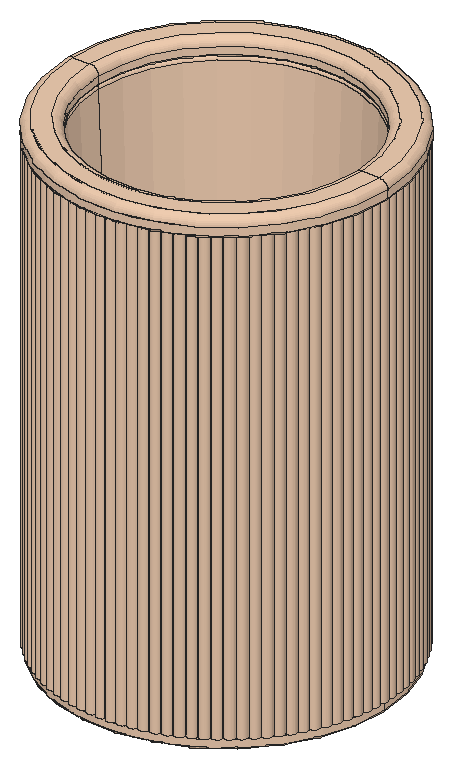
Revit family "DBLTD_TheSenatorGroup_OffcStrg_Furrow_US", category Furniture, Revit 2019
Family settings
  Work Plane-Based = No
  Always vertical = Yes
  Cut with Voids When Loaded = No
  Shared = Yes
  Room Calculation Point = No
Parameters (values of type "Circular Timber Planter")
  WarrantyStartDate [instance] = "1900-12-31T23:59:59"
  WarrantyGuarantorParts = "n/a"
  WarrantyGuarantorLabor = "n/a"
  WarrantyDurationUnit = "Years"
  WarrantyDurationParts = "n/a"
  WarrantyDurationLabor = "n/a"
  WarrantyDescription = "Allermuir will repair, or replace (at Allermuir’s sole discretion) with comparable free of charge materials/ components, any product/ component which fails under normal use in a single shift environment, as a result of a defect in the materials and/or workmanship. Exceptions - Non-standard product - 2 years Screen-mounted Accessories/ Dry-wipe Boards - 2 years Electrical and/or electronic componentry - 2 years. Exclusions - Allermuir does not warrant: Failure due to normal “Wear and Tear”. Natural variations in appearance of wood - its grain, figure and colour. Changes in surface appearance resulting from exposure to light, and the natural ageing process of wood. Changes in surface appearance resulting from the misuse of cleaning materials and methods/ damage form sharp objects/ imprinting from writing implements. Natural variations in Leather - its marks, scars and wrinkles. Product stored/ exposed to extreme operational conditions. Consumable components such as Fuses/ Lights/ lamps/ transformers/etc. Other Manufacturer’s product supplied by Allermuir (their own warranty shall apply where possible). Non-standard fabrics/ finishes or veneers used. Allermuir only checks the manufacturing quality of Customer’s Own Material (COM) and provides no warrant"
  Version = "2"  # constant formula
  Uniclass2015Version = "Products v1.9"
  Uniclass2015Title = "Office storage units"
  Uniclass2015Code = "Pr_40_30_78_57"
  URL = "https://www.thesenatorgroup.com/"
  Type Comments = ModelNumber  # "FW40RDT"
  TagNumber [instance] = "n/a"
  SustainabilityPerformance = "n/a"  # constant formula
  Style = "n/a"
  Size = "L 15.75\" x  W 15.75\" x  H 23.5\""
  Shape = "Rectangular"
  SerialNumber [instance] = "n/a"
  Revision = "n/a"
  ReplacementCost = "n/a"
  ProductInformation = "https://www.thesenatorgroup.com/"
  PlanterType = DBLTD_TheSenatorGroup_OffcStrg_Furrow_WoodRound : DBLTD_TheSenatorGroup_OffcStrg_Furrow_WoodRound
  OuterMaterial = TheSenatorGroup_Metal_White
  OmniClassTitle = "Storage"
  OmniClassCode = "22-12 51 19"
  NominalWidth = NominalLength  # 400 mm
  NominalLength = 400 mm
  NominalHeight = 600 mm
  NominalDepth = 400 mm  # constant formula
  Name = "OfficeStorage_Furrow_TheSenatorGroup"
  NBSReference = "45-35-80/360"
  NBSDescription = "Office storage"
  NBSCertification = ""
  ModelReference = "Circular Timber Planter"
  ModelNumber = "FW40RDT"
  Model = ModelNumber  # "FW40RDT"
  Material = "Oak, Steel, HIPS liner"
  ManufacturerURL = "https://www.thesenatorgroup.com/"
  ManufacturerName = "The Senator Group"
  Manufacturer = "The Senator Group"
  MainColor = "n/a"
  Keynote = "Pr_40_30_78_57"
  InstallationDate [instance] = "1900-12-31T23:59:59"
  IfcExportType = "STORAGE"  # constant formula
  IfcExportAs = "IfcFurnitureType"  # constant formula
  Grade = "n/a"
  FrameMaterial [instance] = TheSenatorGroup_Wood_Oak
  Finish = "Available in Oak, Black Steel, White Steel"
  Features = "Furow makes adding plants to workplace and\r\nhospitality interiors easy"
  ExpectedLife = "n/a"
  DurationUnit = "year"
  Description = ModelNumber  # "FW40RDT"
  Cost = 0
  Constituents = ""
  Color = "Defined by Finish Specifed"
  CodePerformance = "n/a"
  Category = "Pr_40_30_78_57:Office storage units"
  BarCode [instance] = "n/a"
  BIMObjectName = "TheSenatorGroup_OfficeStorage_Furrow"
  Author = "Diane Butterworth Ltd"  # constant formula
  AssetType = "Movable"
  AssetIdentifier [instance] = "n/a"
  AccessibilityPerformance = "n/a"
Types (5, lengths in mm): name | Type Comments | Size | PlanterType | NominalWidth | NominalLength | NominalHeight | ModelReference | ModelNumber | Model | Description
  (no name) | "FW40RDT" | "L 15.75\" x  W 15.75\" x  H 23.5\"" | DBLTD_TheSenatorGroup_OffcStrg_Furrow_WoodRound : DBLTD_TheSenatorGroup_OffcStrg_Furrow_WoodRound | 400 | 400 | 600 | "Circular Timber Planter" | "FW40RDT" | "FW40RDT" | "FW40RDT"
  Circular Steel Planter | "FW40RDS" | "L 15.75\" x  W 15.75\" x  H 23.5\"" | DBLTD_TheSenatorGroup_OffcStrg_Furrow_SteelRound : DBLTD_TheSenatorGroup_OffcStrg_Furrow_SteelRound | 400 | 400 | 600 | "Circular Steel Planter" | "FW40RDS" | "FW40RDS" | "FW40RDS"
  Rectangular Steel Planter | "FW4014S" | "L 15.75\" x  W 55\" x  H 37.5\"" | DBLTD_TheSenatorGroup_OffcStrg_Furrow_SteelLong : DBLTD_TheSenatorGroup_OffcStrg_Furrow_SteelLong | 1400 | 1400 | 950 | "Rectangular Steel Planter" | "FW4014S" | "FW4014S" | "FW4014S"
  Circular Timber Planter | "FW40RDT" | "L 15.75\" x  W 15.75\" x  H 23.5\"" | DBLTD_TheSenatorGroup_OffcStrg_Furrow_WoodRound : DBLTD_TheSenatorGroup_OffcStrg_Furrow_WoodRound | 400 | 400 | 600 | "Circular Timber Planter" | "FW40RDT" | "FW40RDT" | "FW40RDT"
  Rectangular Timber Planter | "FW4014T" | "L 15.75\" x  W 55\" x  H 37.5\"" | DBLTD_TheSenatorGroup_OffcStrg_Furrow_WoodLong : DBLTD_TheSenatorGroup_OffcStrg_Furrow_WoodLong | 1400 | 1400 | 950 | "Rectangular Timber Planter" | "FW4014T" | "FW4014T" | "FW4014T"
Reference planes
  plane 1 "Back": y = 0
  plane 2: z = 0
  plane 3 "Center (Left/Right)": x = 0
  plane 4 "Front": y = -400
  plane 5 "Left": x = -200
  plane 6 "Right": x = 200
  plane 7 "Top": z = 600
  plane 8: y = -200
Dimensions and locks
  "NominalDepth": plane 4 "Front" to plane 1 "Back"
  equal spacing: plane 5 "Left", plane 3 "Center (Left/Right)", plane 6 "Right"
  "NominalLength": plane 5 "Left" to plane 6 "Right"
  "NominalHeight": plane 7 "Top" to level
  equal spacing: plane 4 "Front", plane 8, plane 1 "Back"
  aligned and locked: level to plane 2
  aligned and locked: nested 1 to plane 8
  aligned and locked: plane 3 "Center (Left/Right)" to nested 1
Nested families
  nested 1: "DBLTD_TheSenatorGroup_OffcStrg_Furrow_WoodRound" at (0, -200, 0), type <- "PlanterType", CoverStripMaterial <- "FrameMaterial", OuterMaterial <- "OuterMaterial", type "DBLTD_TheSenatorGroup_OffcStrg_Furrow_WoodRound"
    with OuterMaterial TheSenatorGroup_Metal_White, CoverStripMaterial TheSenatorGroup_Wood_Oak
Definition of nested family "DBLTD_TheSenatorGroup_OffcStrg_Furrow_WoodRound"
  Parameters (values of type "DBLTD_TheSenatorGroup_OffcStrg_Furrow_WoodRound")
    OuterMaterial [instance] = none
    CoverStripMaterial [instance] = none
  Reference planes
    plane 1 "Center (Front/Back)": y = 0
    plane 2: z = 0
    plane 3 "Center (Left/Right)": x = 0
  Forms (mm)
    Revolve 1, solid, material <- "CoverStripMaterial"
      sketch origin (0, 0, 0) x (1, 0, 0) y (0, 0, 1)
        loop
          line (-150.381, 343.104) -> (-159.543, 574.272)
          arc (-159.543, 574.272) -> (-161.325, 578.089) -> (-165.298, 579.491) r 5.444
          line (-165.298, 579.491) -> (-160.543, 579.491)
          arc (-160.543, 579.491) -> (-159.836, 579.784) -> (-159.543, 580.491) r 1
          line (-159.543, 580.491) -> (-159.543, 589.5)
          arc (-159.543, 589.5) -> (-162.472, 596.571) -> (-169.543, 599.5) r 10
          line (-169.543, 599.5) -> (-190.99, 599.5)
          arc (-190.99, 599.5) -> (-198.061, 596.571) -> (-200.99, 589.5) r 10
          line (-200.99, 589.5) -> (-200.99, 579.624)
          arc (-200.99, 579.624) -> (-200.661, 578.829) -> (-199.866, 578.5) r 1.124
          line (-199.866, 578.5) -> (-174.532, 578.5) -> (-174.532, 17.5) -> (-195.982, 17.5)
          arc (-195.982, 17.5) -> (-196.702, 17.202) -> (-197, 16.482) r 1.018
          line (-197, 16.482) -> (-197, 6.5)
          arc (-197, 6.5) -> (-196.707, 5.793) -> (-196, 5.5) r 1
          line (-196, 5.5) -> (0, 5.5) -> (0, 333.5) -> (-140.389, 333.5)
          arc (-140.389, 333.5) -> (-147.318, 336.29) -> (-150.381, 343.104) r 10
        axis (0, 599.5) -> (0, 5.5)
      angle from 0 to 360
    Extrusion 2, solid
      sketch origin (0, 0, 0) x (1, 0, 0) y (0, 1, 0)
        loop
          circle (-115.208, 115.249) r 9.99
        loop
          circle (115.208, 115.249) r 9.99
        loop
          circle (-115.208, -115.249) r 9.99
        loop
          circle (115.208, -115.249) r 9.99
      from 0 to 5.576
    Extrusion 3, solid, material <- "CoverStripMaterial"
      sketch origin (0, 0, 0) x (1, 0, 0) y (0, 1, 0)
        loop
          line (-6, 195.05) -> (6, 195.05) -> (6, 196.05)
          arc (6, 196.05) -> (0, 200.229) -> (-6, 196.05) r 6.397
          line (-6, 196.05) -> (-6, 195.05)
      from 17.5 to 578.5
    Extrusion 4, solid, material <- "CoverStripMaterial"
      sketch origin (0, 0, 0) x (0.998027, -0.062791, 0) y (0.062791, 0.998027, 0)
        loop
          line (-6, 195.05) -> (6, 195.05) -> (6, 196.05)
          arc (6, 196.05) -> (0, 200.229) -> (-6, 196.05) r 6.397
          line (-6, 196.05) -> (-6, 195.05)
      from 17.5 to 578.5
    Extrusion 5, solid, material <- "CoverStripMaterial"
      sketch origin (0, 0, 0) x (0.992115, -0.125333, 0) y (0.125333, 0.992115, 0)
        loop
          line (-6, 195.05) -> (6, 195.05) -> (6, 196.05)
          arc (6, 196.05) -> (0, 200.229) -> (-6, 196.05) r 6.397
          line (-6, 196.05) -> (-6, 195.05)
      from 17.5 to 578.5
    Extrusion 6, solid, material <- "CoverStripMaterial"
      sketch origin (0, 0, 0) x (0.982287, -0.187381, 0) y (0.187381, 0.982287, 0)
        loop
          line (-6, 195.05) -> (6, 195.05) -> (6, 196.05)
          arc (6, 196.05) -> (0, 200.229) -> (-6, 196.05) r 6.397
          line (-6, 196.05) -> (-6, 195.05)
      from 17.5 to 578.5
    Extrusion 7, solid, material <- "CoverStripMaterial"
      sketch origin (0, 0, 0) x (0.968583, -0.24869, 0) y (0.24869, 0.968583, 0)
        loop
          line (-6, 195.05) -> (6, 195.05) -> (6, 196.05)
          arc (6, 196.05) -> (0, 200.229) -> (-6, 196.05) r 6.397
          line (-6, 196.05) -> (-6, 195.05)
      from 17.5 to 578.5
    Extrusion 8, solid, material <- "CoverStripMaterial"
      sketch origin (0, 0, 0) x (0.951056, -0.309017, 0) y (0.309017, 0.951056, 0)
        loop
          line (-6, 195.05) -> (6, 195.05) -> (6, 196.05)
          arc (6, 196.05) -> (0, 200.229) -> (-6, 196.05) r 6.397
          line (-6, 196.05) -> (-6, 195.05)
      from 17.5 to 578.5
    Extrusion 9, solid, material <- "CoverStripMaterial"
      sketch origin (0, 0, 0) x (0.929776, -0.368125, 0) y (0.368125, 0.929776, 0)
        loop
          line (-6, 195.05) -> (6, 195.05) -> (6, 196.05)
          arc (6, 196.05) -> (0, 200.229) -> (-6, 196.05) r 6.397
          line (-6, 196.05) -> (-6, 195.05)
      from 17.5 to 578.5
    Extrusion 10, solid, material <- "CoverStripMaterial"
      sketch origin (0, 0, 0) x (0.904827, -0.425779, 0) y (0.425779, 0.904827, 0)
        loop
          line (-6, 195.05) -> (6, 195.05) -> (6, 196.05)
          arc (6, 196.05) -> (0, 200.229) -> (-6, 196.05) r 6.397
          line (-6, 196.05) -> (-6, 195.05)
      from 17.5 to 578.5
    Extrusion 11, solid, material <- "CoverStripMaterial"
      sketch origin (0, 0, 0) x (0.876307, -0.481754, 0) y (0.481754, 0.876307, 0)
        loop
          line (-6, 195.05) -> (6, 195.05) -> (6, 196.05)
          arc (6, 196.05) -> (0, 200.229) -> (-6, 196.05) r 6.397
          line (-6, 196.05) -> (-6, 195.05)
      from 17.5 to 578.5
    Extrusion 12, solid, material <- "CoverStripMaterial"
      sketch origin (0, 0, 0) x (0.844328, -0.535827, 0) y (0.535827, 0.844328, 0)
        loop
          line (-6, 195.05) -> (6, 195.05) -> (6, 196.05)
          arc (6, 196.05) -> (0, 200.229) -> (-6, 196.05) r 6.397
          line (-6, 196.05) -> (-6, 195.05)
      from 17.5 to 578.5
    Extrusion 13, solid, material <- "CoverStripMaterial"
      sketch origin (0, 0, 0) x (0.809017, -0.587785, 0) y (0.587785, 0.809017, 0)
        loop
          line (-6, 195.05) -> (6, 195.05) -> (6, 196.05)
          arc (6, 196.05) -> (0, 200.229) -> (-6, 196.05) r 6.397
          line (-6, 196.05) -> (-6, 195.05)
      from 17.5 to 578.5
    Extrusion 14, solid, material <- "CoverStripMaterial"
      sketch origin (0, 0, 0) x (0.770513, -0.637424, 0) y (0.637424, 0.770513, 0)
        loop
          line (-6, 195.05) -> (6, 195.05) -> (6, 196.05)
          arc (6, 196.05) -> (0, 200.229) -> (-6, 196.05) r 6.397
          line (-6, 196.05) -> (-6, 195.05)
      from 17.5 to 578.5
    Extrusion 15, solid, material <- "CoverStripMaterial"
      sketch origin (0, 0, 0) x (0.728968, -0.684547, 0) y (0.684547, 0.728968, 0)
        loop
          line (-6, 195.05) -> (6, 195.05) -> (6, 196.05)
          arc (6, 196.05) -> (0, 200.229) -> (-6, 196.05) r 6.397
          line (-6, 196.05) -> (-6, 195.05)
      from 17.5 to 578.5
    Extrusion 16, solid, material <- "CoverStripMaterial"
      sketch origin (0, 0, 0) x (0.684547, -0.728969, 0) y (0.728969, 0.684547, 0)
        loop
          line (-6, 195.05) -> (6, 195.05) -> (6, 196.05)
          arc (6, 196.05) -> (0, 200.229) -> (-6, 196.05) r 6.397
          line (-6, 196.05) -> (-6, 195.05)
      from 17.5 to 578.5
    Extrusion 17, solid, material <- "CoverStripMaterial"
      sketch origin (0, 0, 0) x (0.637424, -0.770514, 0) y (0.770514, 0.637424, 0)
        loop
          line (-6, 195.05) -> (6, 195.05) -> (6, 196.05)
          arc (6, 196.05) -> (0, 200.229) -> (-6, 196.05) r 6.397
          line (-6, 196.05) -> (-6, 195.05)
      from 17.5 to 578.5
    Extrusion 18, solid, material <- "CoverStripMaterial"
      sketch origin (0, 0, 0) x (0.587785, -0.809017, 0) y (0.809017, 0.587785, 0)
        loop
          line (-6, 195.05) -> (6, 195.05) -> (6, 196.05)
          arc (6, 196.05) -> (0, 200.229) -> (-6, 196.05) r 6.397
          line (-6, 196.05) -> (-6, 195.05)
      from 17.5 to 578.5
    Extrusion 19, solid, material <- "CoverStripMaterial"
      sketch origin (0, 0, 0) x (0.535826, -0.844328, 0) y (0.844328, 0.535826, 0)
        loop
          line (-6, 195.05) -> (6, 195.05) -> (6, 196.05)
          arc (6, 196.05) -> (0, 200.229) -> (-6, 196.05) r 6.397
          line (-6, 196.05) -> (-6, 195.05)
      from 17.5 to 578.5
    Extrusion 20, solid, material <- "CoverStripMaterial"
      sketch origin (0, 0, 0) x (0.481753, -0.876307, 0) y (0.876307, 0.481753, 0)
        loop
          line (-6, 195.05) -> (6, 195.05) -> (6, 196.05)
          arc (6, 196.05) -> (0, 200.229) -> (-6, 196.05) r 6.397
          line (-6, 196.05) -> (-6, 195.05)
      from 17.5 to 578.5
    Extrusion 21, solid, material <- "CoverStripMaterial"
      sketch origin (0, 0, 0) x (0.425779, -0.904827, 0) y (0.904827, 0.425779, 0)
        loop
          line (-6, 195.05) -> (6, 195.05) -> (6, 196.05)
          arc (6, 196.05) -> (0, 200.229) -> (-6, 196.05) r 6.397
          line (-6, 196.05) -> (-6, 195.05)
      from 17.5 to 578.5
    Extrusion 22, solid, material <- "CoverStripMaterial"
      sketch origin (0, 0, 0) x (0.368124, -0.929777, 0) y (0.929777, 0.368124, 0)
        loop
          line (-6, 195.05) -> (6, 195.05) -> (6, 196.05)
          arc (6, 196.05) -> (0, 200.229) -> (-6, 196.05) r 6.397
          line (-6, 196.05) -> (-6, 195.05)
      from 17.5 to 578.5
    Extrusion 23, solid, material <- "CoverStripMaterial"
      sketch origin (0, 0, 0) x (0.309016, -0.951057, 0) y (0.951057, 0.309016, 0)
        loop
          line (-6, 195.05) -> (6, 195.05) -> (6, 196.05)
          arc (6, 196.05) -> (0, 200.229) -> (-6, 196.05) r 6.397
          line (-6, 196.05) -> (-6, 195.05)
      from 17.5 to 578.5
    Extrusion 24, solid, material <- "CoverStripMaterial"
      sketch origin (0, 0, 0) x (0.248689, -0.968583, 0) y (0.968583, 0.248689, 0)
        loop
          line (-6, 195.05) -> (6, 195.05) -> (6, 196.05)
          arc (6, 196.05) -> (0, 200.229) -> (-6, 196.05) r 6.397
          line (-6, 196.05) -> (-6, 195.05)
      from 17.5 to 578.5
    Extrusion 25, solid, material <- "CoverStripMaterial"
      sketch origin (0, 0, 0) x (0.187381, -0.982287, 0) y (0.982287, 0.187381, 0)
        loop
          line (-6, 195.05) -> (6, 195.05) -> (6, 196.05)
          arc (6, 196.05) -> (0, 200.229) -> (-6, 196.05) r 6.397
          line (-6, 196.05) -> (-6, 195.05)
      from 17.5 to 578.5
    Extrusion 26, solid, material <- "CoverStripMaterial"
      sketch origin (0, 0, 0) x (0.125333, -0.992115, 0) y (0.992115, 0.125333, 0)
        loop
          line (-6, 195.05) -> (6, 195.05) -> (6, 196.05)
          arc (6, 196.05) -> (0, 200.229) -> (-6, 196.05) r 6.397
          line (-6, 196.05) -> (-6, 195.05)
      from 17.5 to 578.5
    Extrusion 27, solid, material <- "CoverStripMaterial"
      sketch origin (0, 0, 0) x (0.06279, -0.998027, 0) y (0.998027, 0.06279, 0)
        loop
          line (-6, 195.05) -> (6, 195.05) -> (6, 196.05)
          arc (6, 196.05) -> (0, 200.229) -> (-6, 196.05) r 6.397
          line (-6, 196.05) -> (-6, 195.05)
      from 17.5 to 578.5
    Extrusion 28, solid, material <- "CoverStripMaterial"
      sketch origin (0, 0, 0) x (-0.000001, -1, 0) y (1, -0.000001, 0)
        loop
          line (-6, 195.05) -> (6, 195.05) -> (6, 196.05)
          arc (6, 196.05) -> (0, 200.229) -> (-6, 196.05) r 6.397
          line (-6, 196.05) -> (-6, 195.05)
      from 17.5 to 578.5
    Extrusion 29, solid, material <- "CoverStripMaterial"
      sketch origin (0, 0, 0) x (-0.062791, -0.998027, 0) y (0.998027, -0.062791, 0)
        loop
          line (-6, 195.05) -> (6, 195.05) -> (6, 196.05)
          arc (6, 196.05) -> (0, 200.229) -> (-6, 196.05) r 6.397
          line (-6, 196.05) -> (-6, 195.05)
      from 17.5 to 578.5
    Extrusion 30, solid, material <- "CoverStripMaterial"
      sketch origin (0, 0, 0) x (-0.125334, -0.992115, 0) y (0.992115, -0.125334, 0)
        loop
          line (-6, 195.05) -> (6, 195.05) -> (6, 196.05)
          arc (6, 196.05) -> (0, 200.229) -> (-6, 196.05) r 6.397
          line (-6, 196.05) -> (-6, 195.05)
      from 17.5 to 578.5
    Extrusion 31, solid, material <- "CoverStripMaterial"
      sketch origin (0, 0, 0) x (-0.187382, -0.982287, 0) y (0.982287, -0.187382, 0)
        loop
          line (-6, 195.05) -> (6, 195.05) -> (6, 196.05)
          arc (6, 196.05) -> (0, 200.229) -> (-6, 196.05) r 6.397
          line (-6, 196.05) -> (-6, 195.05)
      from 17.5 to 578.5
    Extrusion 32, solid, material <- "CoverStripMaterial"
      sketch origin (0, 0, 0) x (-0.248691, -0.968583, 0) y (0.968583, -0.248691, 0)
        loop
          line (-6, 195.05) -> (6, 195.05) -> (6, 196.05)
          arc (6, 196.05) -> (0, 200.229) -> (-6, 196.05) r 6.397
          line (-6, 196.05) -> (-6, 195.05)
      from 17.5 to 578.5
    Extrusion 33, solid, material <- "CoverStripMaterial"
      sketch origin (0, 0, 0) x (-0.309018, -0.951056, 0) y (0.951056, -0.309018, 0)
        loop
          line (-6, 195.05) -> (6, 195.05) -> (6, 196.05)
          arc (6, 196.05) -> (0, 200.229) -> (-6, 196.05) r 6.397
          line (-6, 196.05) -> (-6, 195.05)
      from 17.5 to 578.5
    Extrusion 34, solid, material <- "CoverStripMaterial"
      sketch origin (0, 0, 0) x (-0.368125, -0.929776, 0) y (0.929776, -0.368125, 0)
        loop
          line (-6, 195.05) -> (6, 195.05) -> (6, 196.05)
          arc (6, 196.05) -> (0, 200.229) -> (-6, 196.05) r 6.397
          line (-6, 196.05) -> (-6, 195.05)
      from 17.5 to 578.5
    Extrusion 35, solid, material <- "CoverStripMaterial"
      sketch origin (0, 0, 0) x (-0.42578, -0.904827, 0) y (0.904827, -0.42578, 0)
        loop
          line (-6, 195.05) -> (6, 195.05) -> (6, 196.05)
          arc (6, 196.05) -> (0, 200.229) -> (-6, 196.05) r 6.397
          line (-6, 196.05) -> (-6, 195.05)
      from 17.5 to 578.5
    Extrusion 36, solid, material <- "CoverStripMaterial"
      sketch origin (0, 0, 0) x (-0.481755, -0.876306, 0) y (0.876306, -0.481755, 0)
        loop
          line (-6, 195.05) -> (6, 195.05) -> (6, 196.05)
          arc (6, 196.05) -> (0, 200.229) -> (-6, 196.05) r 6.397
          line (-6, 196.05) -> (-6, 195.05)
      from 17.5 to 578.5
    Extrusion 37, solid, material <- "CoverStripMaterial"
      sketch origin (0, 0, 0) x (-0.535828, -0.844327, 0) y (0.844327, -0.535828, 0)
        loop
          line (-6, 195.05) -> (6, 195.05) -> (6, 196.05)
          arc (6, 196.05) -> (0, 200.229) -> (-6, 196.05) r 6.397
          line (-6, 196.05) -> (-6, 195.05)
      from 17.5 to 578.5
    Extrusion 38, solid, material <- "CoverStripMaterial"
      sketch origin (0, 0, 0) x (-0.587786, -0.809016, 0) y (0.809016, -0.587786, 0)
        loop
          line (-6, 195.05) -> (6, 195.05) -> (6, 196.05)
          arc (6, 196.05) -> (0, 200.229) -> (-6, 196.05) r 6.397
          line (-6, 196.05) -> (-6, 195.05)
      from 17.5 to 578.5
    Extrusion 39, solid, material <- "CoverStripMaterial"
      sketch origin (0, 0, 0) x (-0.637425, -0.770513, 0) y (0.770513, -0.637425, 0)
        loop
          line (-6, 195.05) -> (6, 195.05) -> (6, 196.05)
          arc (6, 196.05) -> (0, 200.229) -> (-6, 196.05) r 6.397
          line (-6, 196.05) -> (-6, 195.05)
      from 17.5 to 578.5
    Extrusion 40, solid, material <- "CoverStripMaterial"
      sketch origin (0, 0, 0) x (-0.684548, -0.728968, 0) y (0.728968, -0.684548, 0)
        loop
          line (-6, 195.05) -> (6, 195.05) -> (6, 196.05)
          arc (6, 196.05) -> (0, 200.229) -> (-6, 196.05) r 6.397
          line (-6, 196.05) -> (-6, 195.05)
      from 17.5 to 578.5
    Extrusion 41, solid, material <- "CoverStripMaterial"
      sketch origin (0, 0, 0) x (-0.728969, -0.684546, 0) y (0.684546, -0.728969, 0)
        loop
          line (-6, 195.05) -> (6, 195.05) -> (6, 196.05)
          arc (6, 196.05) -> (0, 200.229) -> (-6, 196.05) r 6.397
          line (-6, 196.05) -> (-6, 195.05)
      from 17.5 to 578.5
    Extrusion 42, solid, material <- "CoverStripMaterial"
      sketch origin (0, 0, 0) x (-0.770514, -0.637423, 0) y (0.637423, -0.770514, 0)
        loop
          line (-6, 195.05) -> (6, 195.05) -> (6, 196.05)
          arc (6, 196.05) -> (0, 200.229) -> (-6, 196.05) r 6.397
          line (-6, 196.05) -> (-6, 195.05)
      from 17.5 to 578.5
    Extrusion 43, solid, material <- "CoverStripMaterial"
      sketch origin (0, 0, 0) x (-0.809018, -0.587784, 0) y (0.587784, -0.809018, 0)
        loop
          line (-6, 195.05) -> (6, 195.05) -> (6, 196.05)
          arc (6, 196.05) -> (0, 200.229) -> (-6, 196.05) r 6.397
          line (-6, 196.05) -> (-6, 195.05)
      from 17.5 to 578.5
    Extrusion 44, solid, material <- "CoverStripMaterial"
      sketch origin (0, 0, 0) x (-0.844329, -0.535826, 0) y (0.535826, -0.844329, 0)
        loop
          line (-6, 195.05) -> (6, 195.05) -> (6, 196.05)
          arc (6, 196.05) -> (0, 200.229) -> (-6, 196.05) r 6.397
          line (-6, 196.05) -> (-6, 195.05)
      from 17.5 to 578.5
    Extrusion 45, solid, material <- "CoverStripMaterial"
      sketch origin (0, 0, 0) x (-0.876307, -0.481753, 0) y (0.481753, -0.876307, 0)
        loop
          line (-6, 195.05) -> (6, 195.05) -> (6, 196.05)
          arc (6, 196.05) -> (0, 200.229) -> (-6, 196.05) r 6.397
          line (-6, 196.05) -> (-6, 195.05)
      from 17.5 to 578.5
    Extrusion 46, solid, material <- "CoverStripMaterial"
      sketch origin (0, 0, 0) x (-0.904828, -0.425778, 0) y (0.425778, -0.904828, 0)
        loop
          line (-6, 195.05) -> (6, 195.05) -> (6, 196.05)
          arc (6, 196.05) -> (0, 200.229) -> (-6, 196.05) r 6.397
          line (-6, 196.05) -> (-6, 195.05)
      from 17.5 to 578.5
    Extrusion 47, solid, material <- "CoverStripMaterial"
      sketch origin (0, 0, 0) x (-0.929777, -0.368123, 0) y (0.368123, -0.929777, 0)
        loop
          line (-6, 195.05) -> (6, 195.05) -> (6, 196.05)
          arc (6, 196.05) -> (0, 200.229) -> (-6, 196.05) r 6.397
          line (-6, 196.05) -> (-6, 195.05)
      from 17.5 to 578.5
    Extrusion 48, solid, material <- "CoverStripMaterial"
      sketch origin (0, 0, 0) x (-0.951057, -0.309016, 0) y (0.309016, -0.951057, 0)
        loop
          line (-6, 195.05) -> (6, 195.05) -> (6, 196.05)
          arc (6, 196.05) -> (0, 200.229) -> (-6, 196.05) r 6.397
          line (-6, 196.05) -> (-6, 195.05)
      from 17.5 to 578.5
    Extrusion 49, solid, material <- "CoverStripMaterial"
      sketch origin (0, 0, 0) x (-0.968583, -0.248689, 0) y (0.248689, -0.968583, 0)
        loop
          line (-6, 195.05) -> (6, 195.05) -> (6, 196.05)
          arc (6, 196.05) -> (0, 200.229) -> (-6, 196.05) r 6.397
          line (-6, 196.05) -> (-6, 195.05)
      from 17.5 to 578.5
    Extrusion 50, solid, material <- "CoverStripMaterial"
      sketch origin (0, 0, 0) x (-0.982288, -0.18738, 0) y (0.18738, -0.982288, 0)
        loop
          line (-6, 195.05) -> (6, 195.05) -> (6, 196.05)
          arc (6, 196.05) -> (0, 200.229) -> (-6, 196.05) r 6.397
          line (-6, 196.05) -> (-6, 195.05)
      from 17.5 to 578.5
    Extrusion 51, solid, material <- "CoverStripMaterial"
      sketch origin (0, 0, 0) x (-0.992115, -0.125332, 0) y (0.125332, -0.992115, 0)
        loop
          line (-6, 195.05) -> (6, 195.05) -> (6, 196.05)
          arc (6, 196.05) -> (0, 200.229) -> (-6, 196.05) r 6.397
          line (-6, 196.05) -> (-6, 195.05)
      from 17.5 to 578.5
    Extrusion 52, solid, material <- "CoverStripMaterial"
      sketch origin (0, 0, 0) x (-0.998027, -0.062789, 0) y (0.062789, -0.998027, 0)
        loop
          line (-6, 195.05) -> (6, 195.05) -> (6, 196.05)
          arc (6, 196.05) -> (0, 200.229) -> (-6, 196.05) r 6.397
          line (-6, 196.05) -> (-6, 195.05)
      from 17.5 to 578.5
    Extrusion 53, solid, material <- "CoverStripMaterial"
      sketch origin (0, 0, 0) x (-1, 0.000001, 0) y (-0.000001, -1, 0)
        loop
          line (-6, 195.05) -> (6, 195.05) -> (6, 196.05)
          arc (6, 196.05) -> (0, 200.229) -> (-6, 196.05) r 6.397
          line (-6, 196.05) -> (-6, 195.05)
      from 17.5 to 578.5
    Extrusion 54, solid, material <- "CoverStripMaterial"
      sketch origin (0, 0, 0) x (-0.998027, 0.062792, 0) y (-0.062792, -0.998027, 0)
        loop
          line (-6, 195.05) -> (6, 195.05) -> (6, 196.05)
          arc (6, 196.05) -> (0, 200.229) -> (-6, 196.05) r 6.397
          line (-6, 196.05) -> (-6, 195.05)
      from 17.5 to 578.5
    Extrusion 55, solid, material <- "CoverStripMaterial"
      sketch origin (0, 0, 0) x (-0.992115, 0.125335, 0) y (-0.125335, -0.992115, 0)
        loop
          line (-6, 195.05) -> (6, 195.05) -> (6, 196.05)
          arc (6, 196.05) -> (0, 200.229) -> (-6, 196.05) r 6.397
          line (-6, 196.05) -> (-6, 195.05)
      from 17.5 to 578.5
    Extrusion 56, solid, material <- "CoverStripMaterial"
      sketch origin (0, 0, 0) x (-0.982287, 0.187383, 0) y (-0.187383, -0.982287, 0)
        loop
          line (-6, 195.05) -> (6, 195.05) -> (6, 196.05)
          arc (6, 196.05) -> (0, 200.229) -> (-6, 196.05) r 6.397
          line (-6, 196.05) -> (-6, 195.05)
      from 17.5 to 578.5
    Extrusion 57, solid, material <- "CoverStripMaterial"
      sketch origin (0, 0, 0) x (-0.968583, 0.248691, 0) y (-0.248691, -0.968583, 0)
        loop
          line (-6, 195.05) -> (6, 195.05) -> (6, 196.05)
          arc (6, 196.05) -> (0, 200.229) -> (-6, 196.05) r 6.397
          line (-6, 196.05) -> (-6, 195.05)
      from 17.5 to 578.5
    Extrusion 58, solid, material <- "CoverStripMaterial"
      sketch origin (0, 0, 0) x (-0.951056, 0.309019, 0) y (-0.309019, -0.951056, 0)
        loop
          line (-6, 195.05) -> (6, 195.05) -> (6, 196.05)
          arc (6, 196.05) -> (0, 200.229) -> (-6, 196.05) r 6.397
          line (-6, 196.05) -> (-6, 195.05)
      from 17.5 to 578.5
    Extrusion 59, solid, material <- "CoverStripMaterial"
      sketch origin (0, 0, 0) x (-0.929776, 0.368126, 0) y (-0.368126, -0.929776, 0)
        loop
          line (-6, 195.05) -> (6, 195.05) -> (6, 196.05)
          arc (6, 196.05) -> (0, 200.229) -> (-6, 196.05) r 6.397
          line (-6, 196.05) -> (-6, 195.05)
      from 17.5 to 578.5
    Extrusion 60, solid, material <- "CoverStripMaterial"
      sketch origin (0, 0, 0) x (-0.904826, 0.425781, 0) y (-0.425781, -0.904826, 0)
        loop
          line (-6, 195.05) -> (6, 195.05) -> (6, 196.05)
          arc (6, 196.05) -> (0, 200.229) -> (-6, 196.05) r 6.397
          line (-6, 196.05) -> (-6, 195.05)
      from 17.5 to 578.5
    Extrusion 61, solid, material <- "CoverStripMaterial"
      sketch origin (0, 0, 0) x (-0.876306, 0.481755, 0) y (-0.481755, -0.876306, 0)
        loop
          line (-6, 195.05) -> (6, 195.05) -> (6, 196.05)
          arc (6, 196.05) -> (0, 200.229) -> (-6, 196.05) r 6.397
          line (-6, 196.05) -> (-6, 195.05)
      from 17.5 to 578.5
    Extrusion 62, solid, material <- "CoverStripMaterial"
      sketch origin (0, 0, 0) x (-0.844327, 0.535828, 0) y (-0.535828, -0.844327, 0)
        loop
          line (-6, 195.05) -> (6, 195.05) -> (6, 196.05)
          arc (6, 196.05) -> (0, 200.229) -> (-6, 196.05) r 6.397
          line (-6, 196.05) -> (-6, 195.05)
      from 17.5 to 578.5
    Extrusion 63, solid, material <- "CoverStripMaterial"
      sketch origin (0, 0, 0) x (-0.809016, 0.587787, 0) y (-0.587787, -0.809016, 0)
        loop
          line (-6, 195.05) -> (6, 195.05) -> (6, 196.05)
          arc (6, 196.05) -> (0, 200.229) -> (-6, 196.05) r 6.397
          line (-6, 196.05) -> (-6, 195.05)
      from 17.5 to 578.5
    Extrusion 64, solid, material <- "CoverStripMaterial"
      sketch origin (0, 0, 0) x (-0.770512, 0.637425, 0) y (-0.637425, -0.770512, 0)
        loop
          line (-6, 195.05) -> (6, 195.05) -> (6, 196.05)
          arc (6, 196.05) -> (0, 200.229) -> (-6, 196.05) r 6.397
          line (-6, 196.05) -> (-6, 195.05)
      from 17.5 to 578.5
    Extrusion 65, solid, material <- "CoverStripMaterial"
      sketch origin (0, 0, 0) x (-0.728967, 0.684548, 0) y (-0.684548, -0.728967, 0)
        loop
          line (-6, 195.05) -> (6, 195.05) -> (6, 196.05)
          arc (6, 196.05) -> (0, 200.229) -> (-6, 196.05) r 6.397
          line (-6, 196.05) -> (-6, 195.05)
      from 17.5 to 578.5
    Extrusion 66, solid, material <- "CoverStripMaterial"
      sketch origin (0, 0, 0) x (-0.684546, 0.72897, 0) y (-0.72897, -0.684546, 0)
        loop
          line (-6, 195.05) -> (6, 195.05) -> (6, 196.05)
          arc (6, 196.05) -> (0, 200.229) -> (-6, 196.05) r 6.397
          line (-6, 196.05) -> (-6, 195.05)
      from 17.5 to 578.5
    Extrusion 67, solid, material <- "CoverStripMaterial"
      sketch origin (0, 0, 0) x (-0.637423, 0.770514, 0) y (-0.770514, -0.637423, 0)
        loop
          line (-6, 195.05) -> (6, 195.05) -> (6, 196.05)
          arc (6, 196.05) -> (0, 200.229) -> (-6, 196.05) r 6.397
          line (-6, 196.05) -> (-6, 195.05)
      from 17.5 to 578.5
    Extrusion 68, solid, material <- "CoverStripMaterial"
      sketch origin (0, 0, 0) x (-0.587784, 0.809018, 0) y (-0.809018, -0.587784, 0)
        loop
          line (-6, 195.05) -> (6, 195.05) -> (6, 196.05)
          arc (6, 196.05) -> (0, 200.229) -> (-6, 196.05) r 6.397
          line (-6, 196.05) -> (-6, 195.05)
      from 17.5 to 578.5
    Extrusion 69, solid, material <- "CoverStripMaterial"
      sketch origin (0, 0, 0) x (-0.535825, 0.844329, 0) y (-0.844329, -0.535825, 0)
        loop
          line (-6, 195.05) -> (6, 195.05) -> (6, 196.05)
          arc (6, 196.05) -> (0, 200.229) -> (-6, 196.05) r 6.397
          line (-6, 196.05) -> (-6, 195.05)
      from 17.5 to 578.5
    Extrusion 70, solid, material <- "CoverStripMaterial"
      sketch origin (0, 0, 0) x (-0.481752, 0.876308, 0) y (-0.876308, -0.481752, 0)
        loop
          line (-6, 195.05) -> (6, 195.05) -> (6, 196.05)
          arc (6, 196.05) -> (0, 200.229) -> (-6, 196.05) r 6.397
          line (-6, 196.05) -> (-6, 195.05)
      from 17.5 to 578.5
    Extrusion 71, solid, material <- "CoverStripMaterial"
      sketch origin (0, 0, 0) x (-0.425777, 0.904828, 0) y (-0.904828, -0.425777, 0)
        loop
          line (-6, 195.05) -> (6, 195.05) -> (6, 196.05)
          arc (6, 196.05) -> (0, 200.229) -> (-6, 196.05) r 6.397
          line (-6, 196.05) -> (-6, 195.05)
      from 17.5 to 578.5
    Extrusion 72, solid, material <- "CoverStripMaterial"
      sketch origin (0, 0, 0) x (-0.368123, 0.929777, 0) y (-0.929777, -0.368123, 0)
        loop
          line (-6, 195.05) -> (6, 195.05) -> (6, 196.05)
          arc (6, 196.05) -> (0, 200.229) -> (-6, 196.05) r 6.397
          line (-6, 196.05) -> (-6, 195.05)
      from 17.5 to 578.5
    Extrusion 73, solid, material <- "CoverStripMaterial"
      sketch origin (0, 0, 0) x (-0.309015, 0.951057, 0) y (-0.951057, -0.309015, 0)
        loop
          line (-6, 195.05) -> (6, 195.05) -> (6, 196.05)
          arc (6, 196.05) -> (0, 200.229) -> (-6, 196.05) r 6.397
          line (-6, 196.05) -> (-6, 195.05)
      from 17.5 to 578.5
    Extrusion 74, solid, material <- "CoverStripMaterial"
      sketch origin (0, 0, 0) x (-0.248688, 0.968584, 0) y (-0.968584, -0.248688, 0)
        loop
          line (-6, 195.05) -> (6, 195.05) -> (6, 196.05)
          arc (6, 196.05) -> (0, 200.229) -> (-6, 196.05) r 6.397
          line (-6, 196.05) -> (-6, 195.05)
      from 17.5 to 578.5
    Extrusion 75, solid, material <- "CoverStripMaterial"
      sketch origin (0, 0, 0) x (-0.187379, 0.982288, 0) y (-0.982288, -0.187379, 0)
        loop
          line (-6, 195.05) -> (6, 195.05) -> (6, 196.05)
          arc (6, 196.05) -> (0, 200.229) -> (-6, 196.05) r 6.397
          line (-6, 196.05) -> (-6, 195.05)
      from 17.5 to 578.5
    Extrusion 76, solid, material <- "CoverStripMaterial"
      sketch origin (0, 0, 0) x (-0.125331, 0.992115, 0) y (-0.992115, -0.125331, 0)
        loop
          line (-6, 195.05) -> (6, 195.05) -> (6, 196.05)
          arc (6, 196.05) -> (0, 200.229) -> (-6, 196.05) r 6.397
          line (-6, 196.05) -> (-6, 195.05)
      from 17.5 to 578.5
    Extrusion 77, solid, material <- "CoverStripMaterial"
      sketch origin (0, 0, 0) x (-0.062788, 0.998027, 0) y (-0.998027, -0.062788, 0)
        loop
          line (-6, 195.05) -> (6, 195.05) -> (6, 196.05)
          arc (6, 196.05) -> (0, 200.229) -> (-6, 196.05) r 6.397
          line (-6, 196.05) -> (-6, 195.05)
      from 17.5 to 578.5
    Extrusion 78, solid, material <- "CoverStripMaterial"
      sketch origin (0, 0, 0) x (0.000002, 1, 0) y (-1, 0.000002, 0)
        loop
          line (-6, 195.05) -> (6, 195.05) -> (6, 196.05)
          arc (6, 196.05) -> (0, 200.229) -> (-6, 196.05) r 6.397
          line (-6, 196.05) -> (-6, 195.05)
      from 17.5 to 578.5
    Extrusion 79, solid, material <- "CoverStripMaterial"
      sketch origin (0, 0, 0) x (0.062793, 0.998027, 0) y (-0.998027, 0.062793, 0)
        loop
          line (-6, 195.05) -> (6, 195.05) -> (6, 196.05)
          arc (6, 196.05) -> (0, 200.229) -> (-6, 196.05) r 6.397
          line (-6, 196.05) -> (-6, 195.05)
      from 17.5 to 578.5
    Extrusion 80, solid, material <- "CoverStripMaterial"
      sketch origin (0, 0, 0) x (0.125335, 0.992114, 0) y (-0.992114, 0.125335, 0)
        loop
          line (-6, 195.05) -> (6, 195.05) -> (6, 196.05)
          arc (6, 196.05) -> (0, 200.229) -> (-6, 196.05) r 6.397
          line (-6, 196.05) -> (-6, 195.05)
      from 17.5 to 578.5
    Extrusion 81, solid, material <- "CoverStripMaterial"
      sketch origin (0, 0, 0) x (0.187384, 0.982287, 0) y (-0.982287, 0.187384, 0)
        loop
          line (-6, 195.05) -> (6, 195.05) -> (6, 196.05)
          arc (6, 196.05) -> (0, 200.229) -> (-6, 196.05) r 6.397
          line (-6, 196.05) -> (-6, 195.05)
      from 17.5 to 578.5
    Extrusion 82, solid, material <- "CoverStripMaterial"
      sketch origin (0, 0, 0) x (0.248692, 0.968583, 0) y (-0.968583, 0.248692, 0)
        loop
          line (-6, 195.05) -> (6, 195.05) -> (6, 196.05)
          arc (6, 196.05) -> (0, 200.229) -> (-6, 196.05) r 6.397
          line (-6, 196.05) -> (-6, 195.05)
      from 17.5 to 578.5
    Extrusion 83, solid, material <- "CoverStripMaterial"
      sketch origin (0, 0, 0) x (0.309019, 0.951056, 0) y (-0.951056, 0.309019, 0)
        loop
          line (-6, 195.05) -> (6, 195.05) -> (6, 196.05)
          arc (6, 196.05) -> (0, 200.229) -> (-6, 196.05) r 6.397
          line (-6, 196.05) -> (-6, 195.05)
      from 17.5 to 578.5
    Extrusion 84, solid, material <- "CoverStripMaterial"
      sketch origin (0, 0, 0) x (0.368127, 0.929776, 0) y (-0.929776, 0.368127, 0)
        loop
          line (-6, 195.05) -> (6, 195.05) -> (6, 196.05)
          arc (6, 196.05) -> (0, 200.229) -> (-6, 196.05) r 6.397
          line (-6, 196.05) -> (-6, 195.05)
      from 17.5 to 578.5
    Extrusion 85, solid, material <- "CoverStripMaterial"
      sketch origin (0, 0, 0) x (0.425781, 0.904826, 0) y (-0.904826, 0.425781, 0)
        loop
          line (-6, 195.05) -> (6, 195.05) -> (6, 196.05)
          arc (6, 196.05) -> (0, 200.229) -> (-6, 196.05) r 6.397
          line (-6, 196.05) -> (-6, 195.05)
      from 17.5 to 578.5
    Extrusion 86, solid, material <- "CoverStripMaterial"
      sketch origin (0, 0, 0) x (0.481756, 0.876306, 0) y (-0.876306, 0.481756, 0)
        loop
          line (-6, 195.05) -> (6, 195.05) -> (6, 196.05)
          arc (6, 196.05) -> (0, 200.229) -> (-6, 196.05) r 6.397
          line (-6, 196.05) -> (-6, 195.05)
      from 17.5 to 578.5
    Extrusion 87, solid, material <- "CoverStripMaterial"
      sketch origin (0, 0, 0) x (0.535829, 0.844327, 0) y (-0.844327, 0.535829, 0)
        loop
          line (-6, 195.05) -> (6, 195.05) -> (6, 196.05)
          arc (6, 196.05) -> (0, 200.229) -> (-6, 196.05) r 6.397
          line (-6, 196.05) -> (-6, 195.05)
      from 17.5 to 578.5
    Extrusion 88, solid, material <- "CoverStripMaterial"
      sketch origin (0, 0, 0) x (0.587787, 0.809016, 0) y (-0.809016, 0.587787, 0)
        loop
          line (-6, 195.05) -> (6, 195.05) -> (6, 196.05)
          arc (6, 196.05) -> (0, 200.229) -> (-6, 196.05) r 6.397
          line (-6, 196.05) -> (-6, 195.05)
      from 17.5 to 578.5
    Extrusion 89, solid, material <- "CoverStripMaterial"
      sketch origin (0, 0, 0) x (0.637426, 0.770512, 0) y (-0.770512, 0.637426, 0)
        loop
          line (-6, 195.05) -> (6, 195.05) -> (6, 196.05)
          arc (6, 196.05) -> (0, 200.229) -> (-6, 196.05) r 6.397
          line (-6, 196.05) -> (-6, 195.05)
      from 17.5 to 578.5
    Extrusion 90, solid, material <- "CoverStripMaterial"
      sketch origin (0, 0, 0) x (0.684549, 0.728967, 0) y (-0.728967, 0.684549, 0)
        loop
          line (-6, 195.05) -> (6, 195.05) -> (6, 196.05)
          arc (6, 196.05) -> (0, 200.229) -> (-6, 196.05) r 6.397
          line (-6, 196.05) -> (-6, 195.05)
      from 17.5 to 578.5
    Extrusion 91, solid, material <- "CoverStripMaterial"
      sketch origin (0, 0, 0) x (0.72897, 0.684545, 0) y (-0.684545, 0.72897, 0)
        loop
          line (-6, 195.05) -> (6, 195.05) -> (6, 196.05)
          arc (6, 196.05) -> (0, 200.229) -> (-6, 196.05) r 6.397
          line (-6, 196.05) -> (-6, 195.05)
      from 17.5 to 578.5
    Extrusion 92, solid, material <- "CoverStripMaterial"
      sketch origin (0, 0, 0) x (0.770515, 0.637422, 0) y (-0.637422, 0.770515, 0)
        loop
          line (-6, 195.05) -> (6, 195.05) -> (6, 196.05)
          arc (6, 196.05) -> (0, 200.229) -> (-6, 196.05) r 6.397
          line (-6, 196.05) -> (-6, 195.05)
      from 17.5 to 578.5
    Extrusion 93, solid, material <- "CoverStripMaterial"
      sketch origin (0, 0, 0) x (0.809019, 0.587783, 0) y (-0.587783, 0.809019, 0)
        loop
          line (-6, 195.05) -> (6, 195.05) -> (6, 196.05)
          arc (6, 196.05) -> (0, 200.229) -> (-6, 196.05) r 6.397
          line (-6, 196.05) -> (-6, 195.05)
      from 17.5 to 578.5
    Extrusion 94, solid, material <- "CoverStripMaterial"
      sketch origin (0, 0, 0) x (0.844329, 0.535825, 0) y (-0.535825, 0.844329, 0)
        loop
          line (-6, 195.05) -> (6, 195.05) -> (6, 196.05)
          arc (6, 196.05) -> (0, 200.229) -> (-6, 196.05) r 6.397
          line (-6, 196.05) -> (-6, 195.05)
      from 17.5 to 578.5
    Extrusion 95, solid, material <- "CoverStripMaterial"
      sketch origin (0, 0, 0) x (0.876308, 0.481751, 0) y (-0.481751, 0.876308, 0)
        loop
          line (-6, 195.05) -> (6, 195.05) -> (6, 196.05)
          arc (6, 196.05) -> (0, 200.229) -> (-6, 196.05) r 6.397
          line (-6, 196.05) -> (-6, 195.05)
      from 17.5 to 578.5
    Extrusion 96, solid, material <- "CoverStripMaterial"
      sketch origin (0, 0, 0) x (0.904828, 0.425777, 0) y (-0.425777, 0.904828, 0)
        loop
          line (-6, 195.05) -> (6, 195.05) -> (6, 196.05)
          arc (6, 196.05) -> (0, 200.229) -> (-6, 196.05) r 6.397
          line (-6, 196.05) -> (-6, 195.05)
      from 17.5 to 578.5
    Extrusion 97, solid, material <- "CoverStripMaterial"
      sketch origin (0, 0, 0) x (0.929777, 0.368122, 0) y (-0.368122, 0.929777, 0)
        loop
          line (-6, 195.05) -> (6, 195.05) -> (6, 196.05)
          arc (6, 196.05) -> (0, 200.229) -> (-6, 196.05) r 6.397
          line (-6, 196.05) -> (-6, 195.05)
      from 17.5 to 578.5
    Extrusion 98, solid, material <- "CoverStripMaterial"
      sketch origin (0, 0, 0) x (0.951057, 0.309014, 0) y (-0.309014, 0.951057, 0)
        loop
          line (-6, 195.05) -> (6, 195.05) -> (6, 196.05)
          arc (6, 196.05) -> (0, 200.229) -> (-6, 196.05) r 6.397
          line (-6, 196.05) -> (-6, 195.05)
      from 17.5 to 578.5
    Extrusion 99, solid, material <- "CoverStripMaterial"
      sketch origin (0, 0, 0) x (0.968584, 0.248687, 0) y (-0.248687, 0.968584, 0)
        loop
          line (-6, 195.05) -> (6, 195.05) -> (6, 196.05)
          arc (6, 196.05) -> (0, 200.229) -> (-6, 196.05) r 6.397
          line (-6, 196.05) -> (-6, 195.05)
      from 17.5 to 578.5
    Extrusion 100, solid, material <- "CoverStripMaterial"
      sketch origin (0, 0, 0) x (0.982288, 0.187379, 0) y (-0.187379, 0.982288, 0)
        loop
          line (-6, 195.05) -> (6, 195.05) -> (6, 196.05)
          arc (6, 196.05) -> (0, 200.229) -> (-6, 196.05) r 6.397
          line (-6, 196.05) -> (-6, 195.05)
      from 17.5 to 578.5
    Extrusion 101, solid, material <- "CoverStripMaterial"
      sketch origin (0, 0, 0) x (0.992115, 0.12533, 0) y (-0.12533, 0.992115, 0)
        loop
          line (-6, 195.05) -> (6, 195.05) -> (6, 196.05)
          arc (6, 196.05) -> (0, 200.229) -> (-6, 196.05) r 6.397
          line (-6, 196.05) -> (-6, 195.05)
      from 17.5 to 578.5
    Extrusion 102, solid, material <- "CoverStripMaterial"
      sketch origin (0, 0, 0) x (0.998027, 0.062788, 0) y (-0.062788, 0.998027, 0)
        loop
          line (-6, 195.05) -> (6, 195.05) -> (6, 196.05)
          arc (6, 196.05) -> (0, 200.229) -> (-6, 196.05) r 6.397
          line (-6, 196.05) -> (-6, 195.05)
      from 17.5 to 578.5
  Dimensions and locks
    aligned and locked: level to plane 2
